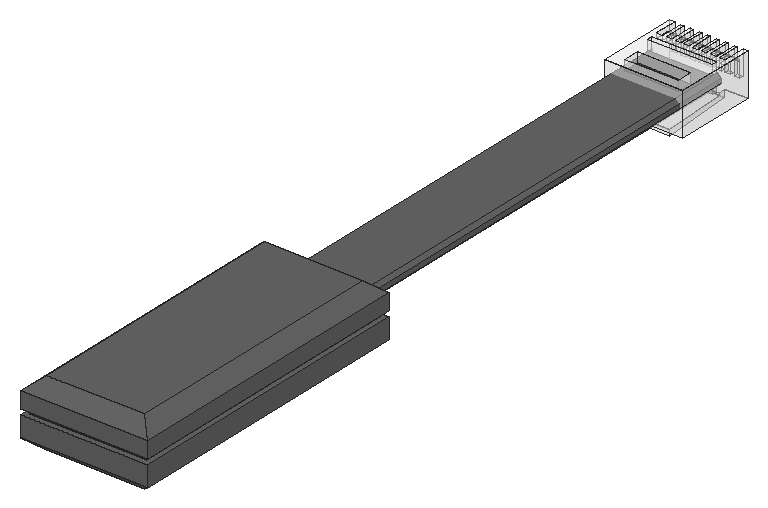
Revit family "3454_NX_Bluetooth_Bridge_Module", category Communication Devices, host Face, Revit 2014
Parameters
  Warranty = "5-Years Warranty"  # constant formula
  Voltage = "24V"
  Type Comments = "NX Bluetooth® Radio Module"  # constant formula
  Product Page URL = "https://www.hubbell.com/hubbellcontrolsolutions/en/Products/Lighting-Controls/Lighting-Controls-Sensors/NX-Distributed-Intelligence-Lighting-Controls/NX-Bluetooth-Radio-Module/p/220937"
  Product Documentation Link = "https://hubbellcdn.com/specsheet/3454_NX_Bluetooth_Bridge_Module.pdf"
  URL = "https://www.hubbell.com/hubbellcontrolsolutions/en"
  Model = "NX Bluetooth® Radio Module"  # constant formula
  Manufacturer = "Hubbell Control Solutions"  # constant formula
  Plug = Glass - Hubbell - White
  Features = "• Bluetooth Technology (Ver. 4.1)\r\n• Easily pairs with smart phone with active Bluetooth radio\r\n• NX App available for free download from Apple® and Google Play store\r\n• LED status indicates successful connection\r\n• Simple RJ45 plug in connection to NX SmartPORT\r\n• Powered from the SmartPORT\r\n• Low voltage device: 24 VDC\r\n• NXBTC provides real time clock function for scheduling\r\n• NXBTC is cULus listed for use in a return air plenum"
  Description = "The NXBTR Bluetooth® Radio Module provides a wireless communication bridge between the NX Room Controller and an IOS® or Android™ smart phone app"  # constant formula
  Default Elevation = 48.00"
  Create Date = "10/09/2018"
  Copyright = "Copyright © 2018 Hubbell Control Solutions"  # constant formula
  Contact Us = "https://www.hubbell.com/hubbellcontrolsolutions/en/contactUs?productId=220937"
  Housing Material = Paint - Hubbell - Carbon Black
  Assembly Code = "D5090"
Reference planes (in)
  plane 1 "Center (Front/Back)": y = 13.01342
  plane 2: z = 0
  plane 3 "Center (Left/Right)": x = 0
  plane 4: y = 15.46342
  plane 5: y = 10.56342
  plane 6: x = -0.4
  plane 7: x = 0.4
  plane 8: y = 12.45342
Forms (in)
  Extrusion 1, solid, material "Paint - Hubbell - Carbon Black" <- "Housing Material"
    sketch origin (0, 0, 0) x (1, 0, 0) y (0, 1, 0)
      loop
        line (-0.4, 10.56342) -> (0.4, 10.56342) -> (0.4, 12.45342) -> (-0.4, 12.45342) -> (-0.4, 10.56342)
    from 0 to 0.42
  Sweep 2, void
    path in 3D
      loop
        line (-0.4, 10.56342, 0.42) -> (0.4, 10.56342, 0.42) -> (0.4, 12.45342, 0.42) -> (-0.4, 12.45342, 0.42) -> (-0.4, 10.56342, 0.42)
    profile origin (-0.4, 11.50842, 0.42) x (1, 0, 0) y (0, 0, 1)
      loop
        line (0, 0) -> (0, -0.07739) -> (0.09223, 0) -> (0, 0)
      loop
        line (0, -0.41926) -> (0.09223, -0.41926) -> (0, -0.34188) -> (0, -0.41926)
      loop
        line (0, -0.20963) -> (0.03418, -0.20963) -> (0.03418, -0.17841) -> (0, -0.17841) -> (0, -0.20963)
  Extrusion 3, solid, material "Paint - Hubbell - Carbon Black" <- "Housing Material"
    sketch origin (0, 13.01342, 0) x (1, 0, 0) y (0, 0, 1)
      loop
        line (-0.2291, 0.21037) -> (-0.20691, 0.18818) -> (0.19519, 0.18818) -> (0.21738, 0.21037) -> (0.21738, 0.24159) -> (0.19519, 0.26378) -> (-0.20691, 0.26378) -> (-0.2291, 0.24159) -> (-0.2291, 0.21037)
    from -2.26471 to 0.65223
  Extrusion 4, solid, material "Glass - Hubbell - White" <- "Plug"
    sketch origin (0, 0, -0.09459) x (1, 0, 0) y (0, 1, 0)
      loop
        line (-0.25222, 14.95342) -> (0.24149, 14.95342) -> (0.24149, 15.46342) -> (-0.25222, 15.46342) -> (-0.25222, 14.95342)
    from 0.14869 to 0.42
  Extrusion 5, void
    sketch origin (0, 0, -0.09459) x (1, 0, 0) y (0, 1, 0)
      loop
        line (-0.17679, 15.018) -> (0.15984, 15.018) -> (0.15984, 15.11856) -> (-0.17679, 15.11856) -> (-0.17679, 15.018)
      loop
        line (-0.21395, 15.27813) -> (-0.21395, 15.24316) -> (0.19482, 15.24316) -> (0.19482, 15.27813) -> (-0.21395, 15.27813)
    from 0.25 to 0.42
  Extrusion 6, void
    sketch origin (0.05776, 0, -0.09459) x (0, 1, 0) y (0, 0, 1)
      loop
        line (15.46342, 0.42) -> (15.32089, 0.42) -> (15.32089, 0.389) -> (15.40667, 0.389)
        arc (15.40667, 0.389) -> (15.42488, 0.38146) -> (15.43242, 0.36325) r 0.02575
        line (15.43242, 0.36325) -> (15.43242, 0.26681) -> (15.46342, 0.26681) -> (15.46342, 0.42)
    from -0.21395 to -0.17679
  Extrusion 7, void
    sketch origin (0.11559, 0, -0.09459) x (0, 1, 0) y (0, 0, 1)
      loop
        line (15.46342, 0.42) -> (15.32089, 0.42) -> (15.32089, 0.389) -> (15.40667, 0.389)
        arc (15.40667, 0.389) -> (15.42488, 0.38146) -> (15.43242, 0.36325) r 0.02575
        line (15.43242, 0.36325) -> (15.43242, 0.26681) -> (15.46342, 0.26681) -> (15.46342, 0.42)
    from -0.21395 to -0.17679
  Extrusion 8, void
    sketch origin (0.16757, 0, -0.09459) x (0, 1, 0) y (0, 0, 1)
      loop
        line (15.46342, 0.42) -> (15.32089, 0.42) -> (15.32089, 0.389) -> (15.40667, 0.389)
        arc (15.40667, 0.389) -> (15.42488, 0.38146) -> (15.43242, 0.36325) r 0.02575
        line (15.43242, 0.36325) -> (15.43242, 0.26681) -> (15.46342, 0.26681) -> (15.46342, 0.42)
    from -0.21395 to -0.17679
  Extrusion 9, void
    sketch origin (-0.00195, 0, -0.09459) x (0, 1, 0) y (0, 0, 1)
      loop
        line (15.46342, 0.42) -> (15.32089, 0.42) -> (15.32089, 0.389) -> (15.40667, 0.389)
        arc (15.40667, 0.389) -> (15.42488, 0.38146) -> (15.43242, 0.36325) r 0.02575
        line (15.43242, 0.36325) -> (15.43242, 0.26681) -> (15.46342, 0.26681) -> (15.46342, 0.42)
    from -0.21395 to -0.17679
  Extrusion 10, solid, material "Glass - Hubbell - White" <- "Plug"
    sketch origin (0, 0, 0) x (1, 0, 0) y (0, 1, 0)
      loop
        line (-0.09952, 15.42475) -> (0.00245, 15.42475) -> (0.09671, 15.42475) -> (0.09671, 15.46342) -> (-0.09952, 15.46342) -> (-0.09952, 15.42475)
    from 0.04 to 0.1
  Extrusion 11, solid, material "Glass - Hubbell - White" <- "Plug"
    sketch origin (0, 0, 0) x (0, 1, 0) y (0, 0, 1)
      loop
        line (15.46342, 0.04) -> (15.42475, 0.04) -> (15.02814, 0.01921) -> (15.02814, -0.01504) -> (15.46342, 0.00777) -> (15.46342, 0.04)
    from -0.09952 to 0.09671
  Extrusion 12, void
    sketch origin (-0.05776, 0, -0.09459) x (0, 1, 0) y (0, 0, -1)
      loop
        line (15.46342, -0.42) -> (15.46342, -0.26681) -> (15.43242, -0.26681) -> (15.43242, -0.36325)
        arc (15.43242, -0.36325) -> (15.42488, -0.38146) -> (15.40667, -0.389) r 0.02575
        line (15.40667, -0.389) -> (15.32089, -0.389) -> (15.32089, -0.42) -> (15.46342, -0.42)
    from -0.21395 to -0.17679
  Extrusion 13, void
    sketch origin (-0.11559, 0, -0.09459) x (0, 1, 0) y (0, 0, -1)
      loop
        line (15.46342, -0.42) -> (15.46342, -0.26681) -> (15.43242, -0.26681) -> (15.43242, -0.36325)
        arc (15.43242, -0.36325) -> (15.42488, -0.38146) -> (15.40667, -0.389) r 0.02575
        line (15.40667, -0.389) -> (15.32089, -0.389) -> (15.32089, -0.42) -> (15.46342, -0.42)
    from -0.21395 to -0.17679
  Extrusion 14, void
    sketch origin (-0.16757, 0, -0.09459) x (0, 1, 0) y (0, 0, -1)
      loop
        line (15.46342, -0.42) -> (15.46342, -0.26681) -> (15.43242, -0.26681) -> (15.43242, -0.36325)
        arc (15.43242, -0.36325) -> (15.42488, -0.38146) -> (15.40667, -0.389) r 0.02575
        line (15.40667, -0.389) -> (15.32089, -0.389) -> (15.32089, -0.42) -> (15.46342, -0.42)
    from -0.21395 to -0.17679
  Extrusion 15, void
    sketch origin (0.00195, 0, -0.09459) x (0, 1, 0) y (0, 0, -1)
      loop
        line (15.46342, -0.42) -> (15.46342, -0.26681) -> (15.43242, -0.26681) -> (15.43242, -0.36325)
        arc (15.43242, -0.36325) -> (15.42488, -0.38146) -> (15.40667, -0.389) r 0.02575
        line (15.40667, -0.389) -> (15.32089, -0.389) -> (15.32089, -0.42) -> (15.46342, -0.42)
    from -0.21395 to -0.17679
Cuts and joins
  Sweep 2 cuts Extrusion 1
  Extrusion 5 cuts Extrusion 3
  Extrusion 5, Extrusion 6, Extrusion 7, Extrusion 8, Extrusion 9, Extrusion 12, Extrusion 13, Extrusion 14, Extrusion 15 cuts Extrusion 4
  Extrusion 12, Extrusion 13, Extrusion 14, Extrusion 15 cuts Extrusion 10
  Extrusion 12, Extrusion 13, Extrusion 14, Extrusion 15 cuts Extrusion 11
  joined: Extrusion 4, Extrusion 10, Extrusion 11
Lines and regions (in)
  sketch lines
    curve 1: line (-0.4, 12.45342, 0.42) -> (-0.4, 10.56342, 0.42)
    curve 2: line (-0.4, 10.56342, 0.42) -> (0.4, 10.56342, 0.42)
    curve 3: line (0.4, 10.56342, 0.42) -> (0.4, 12.45342, 0.42)
    curve 4: line (0.4, 12.45342, 0.42) -> (-0.4, 12.45342, 0.42)
Dimensions and locks (in)
  locked: plane 5 to plane 8 at 1.89
  equal spacing: plane 5, plane 1 "Center (Front/Back)", plane 4
  plane 5 to plane 4 = 4.90"
  locked: plane 6 to plane 7 at 0.8
  aligned and locked: plane 2 to host face
  aligned and locked: level to host face
  aligned and locked: Extrusion 3 to cut or joined group of Extrusion 1, Sweep 2
  aligned and locked: Extrusion 11 to Extrusion 10
  aligned and locked: Extrusion 10 to Extrusion 11
Automatic sketch dimensions
  host sketch curve to host sketch curve = 96.00"  (x2)
  Extrusion 1 sketch curve to plane 6 = 0.00"
  Extrusion 1 sketch curve to plane 7 = 0.00"
  plane 5 to Extrusion 1 sketch curve = 0.00"
  plane 8 to Extrusion 1 sketch curve = 0.00"
  profile plane to Sweep 2 sketch curve = 0.00"  (x3)
  Sweep 2 sketch curve to profile plane = 0.00"
  Sweep 2 sketch curve to profile plane = 0.03418"
  Sweep 2 sketch curve to Sweep 2 sketch curve = 0.09223"
  Sweep 2 sketch curve to profile plane = 0.09223"
  Sweep 2 sketch curve to profile plane = 0.07739"
  Sweep 2 sketch curve to Sweep 2 sketch curve = 0.10102"
  Sweep 2 sketch curve to Sweep 2 sketch curve = 0.03122"
  Sweep 2 sketch curve to Sweep 2 sketch curve = 0.13224"
  Sweep 2 sketch curve to Sweep 2 sketch curve = 0.07739"
  plane 6 to Extrusion 3 sketch curve = 0.1709"
  Extrusion 3 sketch curve to Extrusion 3 sketch curve = 0.02219"  (x6)
  plane 3 "Center (Left/Right)" to Extrusion 3 sketch curve = 0.19519"
  Extrusion 3 sketch curve to Extrusion 3 sketch curve = 0.00"
  level to Extrusion 3 sketch curve = 0.18818"
  Extrusion 3 sketch curve to Extrusion 3 sketch curve = 0.03122"  (x2)
  plane 4 to Extrusion 4 sketch curve = 0.00"
  plane 6 to Extrusion 4 sketch curve = 0.14778"
  Extrusion 4 sketch curve to plane 7 = 0.15851"
  plane 4 to Extrusion 4 sketch curve = 0.51"
  plane 6 to Extrusion 5 sketch curve = 0.18605"
  Extrusion 5 sketch curve to Extrusion 5 sketch curve = 0.03716"
  plane 3 "Center (Left/Right)" to Extrusion 5 sketch curve = 0.15984"
  Extrusion 5 sketch curve to Extrusion 5 sketch curve = 0.03498"  (x2)
  plane 4 to Extrusion 5 sketch curve = 0.44542"
  Extrusion 5 sketch curve to Extrusion 5 sketch curve = 0.10055"
  Extrusion 5 sketch curve to Extrusion 5 sketch curve = 0.1246"
  Extrusion 6 sketch curve to plane 4 = 0.00"
  plane 4 to Extrusion 6 sketch curve = 0.031"
  Extrusion 6 sketch curve to Extrusion 6 sketch curve = 0.02575"
  Extrusion 6 sketch curve to Extrusion 6 sketch curve = 0.08578"
  level to Extrusion 6 sketch curve = 0.17222"
  Extrusion 6 sketch curve to Extrusion 6 sketch curve = 0.09644"
  Extrusion 6 sketch curve to Extrusion 6 sketch curve = 0.031"
  Extrusion 7 sketch curve to plane 4 = 0.00"
  plane 4 to Extrusion 7 sketch curve = 0.031"
  Extrusion 7 sketch curve to Extrusion 7 sketch curve = 0.02575"
  Extrusion 7 sketch curve to Extrusion 7 sketch curve = 0.08578"
  level to Extrusion 7 sketch curve = 0.17222"
  Extrusion 7 sketch curve to Extrusion 7 sketch curve = 0.09644"
  Extrusion 7 sketch curve to Extrusion 7 sketch curve = 0.031"
  Extrusion 8 sketch curve to plane 4 = 0.00"
  plane 4 to Extrusion 8 sketch curve = 0.031"
  Extrusion 8 sketch curve to Extrusion 8 sketch curve = 0.02575"
  Extrusion 8 sketch curve to Extrusion 8 sketch curve = 0.08578"
  level to Extrusion 8 sketch curve = 0.17222"
  Extrusion 8 sketch curve to Extrusion 8 sketch curve = 0.09644"
  Extrusion 8 sketch curve to Extrusion 8 sketch curve = 0.031"
  Extrusion 9 sketch curve to plane 4 = 0.00"
  plane 4 to Extrusion 9 sketch curve = 0.031"
  Extrusion 9 sketch curve to Extrusion 9 sketch curve = 0.02575"
  Extrusion 9 sketch curve to Extrusion 9 sketch curve = 0.08578"
  level to Extrusion 9 sketch curve = 0.17222"
  Extrusion 9 sketch curve to Extrusion 9 sketch curve = 0.09644"
  Extrusion 9 sketch curve to Extrusion 9 sketch curve = 0.031"
  plane 4 to Extrusion 10 sketch curve = 0.00"
  plane 4 to Extrusion 10 sketch curve = 0.03867"
  Extrusion 10 sketch curve to plane 3 "Center (Left/Right)" = 0.09952"
  plane 3 "Center (Left/Right)" to Extrusion 10 sketch curve = 0.00245"
  Extrusion 10 sketch curve to Extrusion 10 sketch curve = 0.09426"
  Extrusion 11 sketch curve to plane 4 = 0.00"
  plane 4 to Extrusion 11 sketch curve = 0.03867"
  level to Extrusion 11 sketch curve = 0.01921"
  Extrusion 11 sketch curve to Extrusion 11 sketch curve = 0.39661"
  level to Extrusion 11 sketch curve = 0.00777"
  Extrusion 11 sketch curve to level = 0.01504"
  level to Extrusion 11 sketch curve = 0.04"
  Extrusion 12 sketch curve to plane 4 = 0.00"
  plane 4 to Extrusion 12 sketch curve = 0.031"
  Extrusion 12 sketch curve to Extrusion 12 sketch curve = 0.02575"
  Extrusion 12 sketch curve to Extrusion 12 sketch curve = 0.08578"
  level to Extrusion 12 sketch curve = 0.32541"
  Extrusion 12 sketch curve to Extrusion 12 sketch curve = 0.031"
  Extrusion 12 sketch curve to Extrusion 12 sketch curve = 0.09644"
  Extrusion 13 sketch curve to plane 4 = 0.00"
  plane 4 to Extrusion 13 sketch curve = 0.031"
  Extrusion 13 sketch curve to Extrusion 13 sketch curve = 0.02575"
  Extrusion 13 sketch curve to Extrusion 13 sketch curve = 0.08578"
  level to Extrusion 13 sketch curve = 0.32541"
  Extrusion 13 sketch curve to Extrusion 13 sketch curve = 0.031"
  Extrusion 13 sketch curve to Extrusion 13 sketch curve = 0.09644"
  Extrusion 14 sketch curve to plane 4 = 0.00"
  plane 4 to Extrusion 14 sketch curve = 0.031"
  Extrusion 14 sketch curve to Extrusion 14 sketch curve = 0.02575"
  Extrusion 14 sketch curve to Extrusion 14 sketch curve = 0.08578"
  level to Extrusion 14 sketch curve = 0.32541"
  Extrusion 14 sketch curve to Extrusion 14 sketch curve = 0.031"
  Extrusion 14 sketch curve to Extrusion 14 sketch curve = 0.09644"
  Extrusion 15 sketch curve to plane 4 = 0.00"
  plane 4 to Extrusion 15 sketch curve = 0.031"
  Extrusion 15 sketch curve to Extrusion 15 sketch curve = 0.02575"
  Extrusion 15 sketch curve to Extrusion 15 sketch curve = 0.08578"
  level to Extrusion 15 sketch curve = 0.32541"
  Extrusion 15 sketch curve to Extrusion 15 sketch curve = 0.031"
  Extrusion 15 sketch curve to Extrusion 15 sketch curve = 0.09644"
